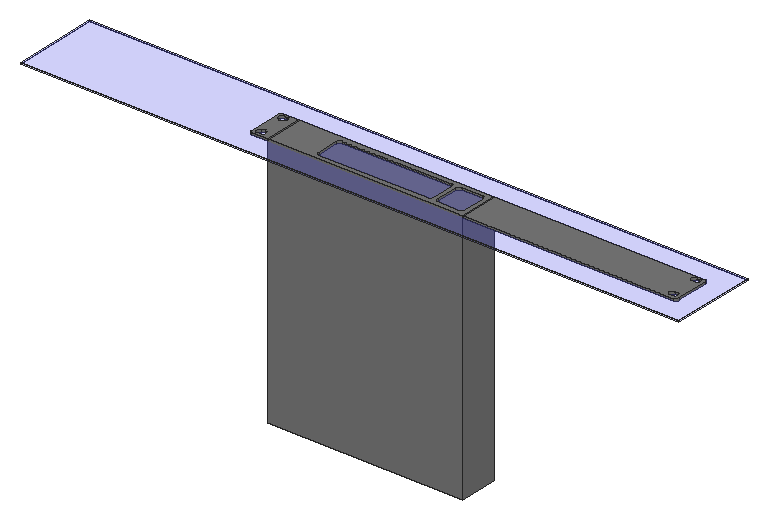
Revit family "QSC Core 8 Flex_ Front Facing Rackmount", category Generic Models, host Face, Revit 2017
Family settings
  Host = Face
  Can host rebar = No
  Round Connector Dimension = Use Diameter
  Part Type = Normal
  Cut with Voids When Loaded = No
  Shared = No
  Room Calculation Point = No
Parameters (values of type "Core 8 Flex")
  Width = 8.660"  # constant formula
  Weight Product (lb) = 4  # constant formula
  Weight Product (kg) = 1.81  # constant formula
  URL = ""
  Show Right Ear Short [instance] = no
  Show Right Ear Long [instance] = yes
  Show Left Ear Short [instance] = yes
  Show Left Ear Long [instance] = no
  Regulatory Compliance = "FCC Part 68 / TIA-968-B; ES203 021, CE, RoHS; PTC200; NOM-151-SCTI; JATE; UL & C-UL Listed; AC; PSTN01; Industry Canada CS-03; AS/ACIF S002 & RCM; ANATEL Resolution 473"  # constant formula
  Product Page URL = "https://www.qsc.com/systems/products/q-sys-ecosystem/products-peripherals-accessories/q-sys-cores/core-8-flex/?L="
  Product Documentation Link = "https://www.qsc.com/resource-files/productresources/dn/dsp_cores/core_8-flex/q_dn_core_8flex_specs.pdf"
  Power Active = 40
  Model = "Core 8 Flex"  # constant formula
  Manufacturer URL = "http://www.qsc.com"
  Manufacturer = "QSC"  # constant formula
  Height = 1.720"  # constant formula
  Heat Load Active = 110
  Face Depth = 0.0788"
  Description = "Q-SYS Network + Analog I/O Processor"  # constant formula
  Depth = 11.280"  # constant formula
  Default Elevation = 0.000"
  Enclosure Material [instance] = Dark Gray Finish
Reference planes (in)
  plane 1 "Center (Front/Back)": y = 0
  plane 2: z = 0
  plane 3 "Center (Left/Right)": x = 0
  plane 4 "Left": x = -4.33
  plane 5 "Right": x = 4.33
  plane 6 "Top": y = 0.86
  plane 7 "Bottom": y = -0.86
  plane 8 "Back": z = -11.2012
  plane 9 "Right Extend Ear": x = 13.812
  plane 10 "Left Extend Ear": x = -13.812
  plane 11 "Left Short Ear": x = -5.1514
  plane 12 "Right Short Ear": x = 5.1514
  plane 13 "Front": z = 0.0788
Forms (in)
  Extrusion 1, solid, material "Glass"
    sketch origin (0, 0, 0) x (1, 0, 0) y (0, 1, 0)
      loop
        line (-14.5, 1.9685) -> (-14.5, -1.88975) -> (14.73031, -1.88975) -> (14.73031, 1.9685) -> (-14.5, 1.9685)
    from 0 to -0.079
  Extrusion 2, solid, material "Dark Gray Finish" <- "Enclosure Material"
    sketch origin (0, -0.86, 0) x (-1, 0, 0) y (0, 0, 1)
      loop
        line (4.33, 0.0788) -> (-4.33, 0.0788) -> (-4.33, -11.2012) -> (4.33, -11.2012) -> (4.33, 0.0788)
    from 0 to 1.72 <- "Height"
  Extrusion 3, void
    sketch origin (0, 0, -11.2012) x (-1, 0, 0) y (0, -1, 0)
      loop
        line (-4.12953, -0.64125) -> (-2.58179, -0.64125) -> (-2.58179, -0.32817) -> (-4.12953, -0.32817) -> (-4.12953, -0.64125)
      loop
        line (2.83394, -0.39444) -> (3.58289, -0.39444)
        arc (3.58289, -0.39444) -> (3.66576, -0.36012) -> (3.70008, -0.27725) r 0.11719
        line (3.70008, -0.27725) -> (3.70008, 0.04564)
        arc (3.70008, 0.04564) -> (3.69413, 0.07554) -> (3.6772, 0.10088) r 0.07813
        line (3.6772, 0.10088) -> (3.52611, 0.25197)
        arc (3.52611, 0.25197) -> (3.50077, 0.26891) -> (3.47087, 0.27485) r 0.07813
        line (3.47087, 0.27485) -> (2.94504, 0.27485)
        arc (2.94504, 0.27485) -> (2.91514, 0.26891) -> (2.88979, 0.25197) r 0.07813
        line (2.88979, 0.25197) -> (2.73871, 0.10088)
        arc (2.73871, 0.10088) -> (2.72177, 0.07554) -> (2.71583, 0.04564) r 0.07813
        line (2.71583, 0.04564) -> (2.71583, -0.27633)
        arc (2.71583, -0.27633) -> (2.75042, -0.35985) -> (2.83394, -0.39444) r 0.11811
      loop
        line (-4.12953, 0.30212) -> (-2.58179, 0.30212) -> (-2.58179, 0.6152) -> (-4.12953, 0.6152) -> (-4.12953, 0.30212)
      loop
        line (-2.29802, -0.64125) -> (-0.75029, -0.64125) -> (-0.75029, -0.32817) -> (-2.29802, -0.32817) -> (-2.29802, -0.64125)
      loop
        line (-2.29802, 0.30212) -> (-0.75029, 0.30212) -> (-0.75029, 0.6152) -> (-2.29802, 0.6152) -> (-2.29802, 0.30212)
      loop
        line (-0.46652, 0.30212) -> (0.01872, 0.30212) -> (0.01872, 0.6152) -> (-0.46652, 0.6152) -> (-0.46652, 0.30212)
      loop
        line (-0.46652, -0.04788) -> (0.01872, -0.04788) -> (0.01872, 0.2652) -> (-0.46652, 0.2652) -> (-0.46652, -0.04788)
      loop
        line (0.13348, 0.39587) -> (0.52497, 0.39587) -> (0.52497, 0.6152) -> (0.13348, 0.6152) -> (0.13348, 0.39587)
      loop
        line (0.63973, 0.20837) -> (1.03122, 0.20837) -> (1.03122, 0.6152) -> (0.63973, 0.6152) -> (0.63973, 0.20837)
      loop
        line (1.14598, 0.39587) -> (1.63122, 0.39587) -> (1.63122, 0.6152) -> (1.14598, 0.6152) -> (1.14598, 0.39587)
      loop
        line (1.74598, 0.39587) -> (2.23122, 0.39587) -> (2.23122, 0.6152) -> (1.74598, 0.6152) -> (1.74598, 0.39587)
      loop
        line (1.14598, -0.01351) -> (1.63122, -0.01351) -> (1.63122, 0.20582) -> (1.14598, 0.20582) -> (1.14598, -0.01351)
      loop
        line (1.74598, -0.01351) -> (2.23122, -0.01351) -> (2.23122, 0.20582) -> (1.74598, 0.20582) -> (1.74598, -0.01351)
      loop
        line (1.14598, -0.62601) -> (1.63122, -0.62601) -> (1.63122, -0.25043) -> (1.14598, -0.25043) -> (1.14598, -0.62601)
      loop
        line (1.74598, -0.62601) -> (2.23122, -0.62601) -> (2.23122, -0.25043) -> (1.74598, -0.25043) -> (1.74598, -0.62601)
    from 0 to 0.19685
  Extrusion 4, void
    sketch origin (-16.742, -179.90625, 0.0788) x (0, -1, 0) y (-1, 0, 0)
      loop
        line (-180.54692, -14.52475) -> (-180.54692, -19.33043)
        arc (-180.54692, -19.33043) -> (-180.50115, -19.44092) -> (-180.39067, -19.48668) r 0.15625
        line (-180.39067, -19.48668) -> (-179.40912, -19.48668)
        arc (-179.40912, -19.48668) -> (-179.29864, -19.44092) -> (-179.25287, -19.33043) r 0.15625
        line (-179.25287, -19.33043) -> (-179.25287, -14.52475)
        arc (-179.25287, -14.52475) -> (-179.29864, -14.41427) -> (-179.40912, -14.3685) r 0.15625
        line (-179.40912, -14.3685) -> (-180.39067, -14.3685)
        arc (-180.39067, -14.3685) -> (-180.50115, -14.41427) -> (-180.54692, -14.52475) r 0.15625
    from 0 to 0.079
  Extrusion 5, solid, material "Dark Gray Finish" <- "Enclosure Material", visible <- "Show Left Ear Short"
    sketch origin (0, 0, 0) x (1, 0, 0) y (0, 1, 0)
      loop
        arc (-5.02634, 0.86) -> (-5.11473, 0.82339) -> (-5.1514, 0.735) r 0.125
        line (-5.1514, 0.735) -> (-5.15134, -0.735)
        arc (-5.15134, -0.735) -> (-5.11473, -0.82339) -> (-5.02634, -0.86) r 0.125
        line (-5.02634, -0.86) -> (-4.33, -0.86) -> (-4.33, 0.86) -> (-5.02634, 0.86)
      loop
        line (-4.7537, 0.76059) -> (-4.8915, 0.76059)
        arc (-4.8915, 0.76059) -> (-5.0251, 0.63502) -> (-4.90803, 0.4939) r 0.13386
        arc (-4.90803, 0.4939) -> (-4.8226, 0.40843) -> (-4.73717, 0.4939) r 0.08543
        arc (-4.73717, 0.4939) -> (-4.6201, 0.63502) -> (-4.7537, 0.76059) r 0.13386
      loop
        arc (-4.7537, -0.74713) -> (-4.6201, -0.62155) -> (-4.73717, -0.48043) r 0.13386
        arc (-4.73717, -0.48043) -> (-4.8226, -0.39496) -> (-4.90803, -0.48043) r 0.08543
        arc (-4.90803, -0.48043) -> (-5.0251, -0.62155) -> (-4.8915, -0.74713) r 0.13386
        line (-4.8915, -0.74713) -> (-4.7537, -0.74713)
    from 0 to 0.0788 <- "Face Depth"
  Extrusion 6, solid, material "Dark Gray Finish" <- "Enclosure Material", visible <- "Show Right Ear Short"
    sketch origin (0, 0, 0) x (-1, 0, 0) y (0, -1, 0)
      loop
        line (-5.02634, -0.86) -> (-4.33, -0.86) -> (-4.33, 0.86) -> (-5.02634, 0.86)
        arc (-5.02634, 0.86) -> (-5.11473, 0.82339) -> (-5.15134, 0.735) r 0.125
        line (-5.15134, 0.735) -> (-5.1514, -0.735)
        arc (-5.1514, -0.735) -> (-5.11473, -0.82339) -> (-5.02634, -0.86) r 0.125
      loop
        arc (-4.7537, -0.76059) -> (-4.6201, -0.63502) -> (-4.73717, -0.4939) r 0.13386
        arc (-4.73717, -0.4939) -> (-4.8226, -0.40843) -> (-4.90803, -0.4939) r 0.08543
        arc (-4.90803, -0.4939) -> (-5.0251, -0.63502) -> (-4.8915, -0.76059) r 0.13386
        line (-4.8915, -0.76059) -> (-4.7537, -0.76059)
      loop
        line (-4.7537, 0.74713) -> (-4.8915, 0.74713)
        arc (-4.8915, 0.74713) -> (-5.0251, 0.62155) -> (-4.90803, 0.48043) r 0.13386
        arc (-4.90803, 0.48043) -> (-4.8226, 0.39496) -> (-4.73717, 0.48043) r 0.08543
        arc (-4.73717, 0.48043) -> (-4.6201, 0.62155) -> (-4.7537, 0.74713) r 0.13386
    from 0 to 0.0788 <- "Face Depth"
  Extrusion 7, solid, material "Dark Gray Finish" <- "Enclosure Material", visible <- "Show Right Ear Long"
    sketch origin (0, 0, 0) x (-1, 0, 0) y (0, -1, 0)
      loop
        arc (-13.55432, -0.49287) -> (-13.68818, -0.62673) -> (-13.55432, -0.76059) r 0.13386
        line (-13.55432, -0.76059) -> (-13.41653, -0.76059)
        arc (-13.41653, -0.76059) -> (-13.28267, -0.62673) -> (-13.41653, -0.49287) r 0.13386
        line (-13.41653, -0.49287) -> (-13.55432, -0.49287)
      loop
        arc (-13.55432, 0.74713) -> (-13.68818, 0.61327) -> (-13.55432, 0.47941) r 0.13386
        line (-13.55432, 0.47941) -> (-13.41653, 0.47941)
        arc (-13.41653, 0.47941) -> (-13.28267, 0.61327) -> (-13.41653, 0.74713) r 0.13386
        line (-13.41653, 0.74713) -> (-13.55432, 0.74713)
      loop
        line (-13.812, 0.735) -> (-13.812, -0.735)
        arc (-13.812, -0.735) -> (-13.77539, -0.82339) -> (-13.687, -0.86) r 0.125
        line (-13.687, -0.86) -> (-4.33, -0.86) -> (-4.33, 0.86) -> (-13.687, 0.86)
        arc (-13.687, 0.86) -> (-13.77539, 0.82339) -> (-13.812, 0.735) r 0.125
    from 0 to 0.0788 <- "Face Depth"
  Extrusion 8, solid, material "Dark Gray Finish" <- "Enclosure Material", visible <- "Show Left Ear Long"
    sketch origin (0, 0, 0) x (1, 0, 0) y (0, 1, 0)
      loop
        line (-13.55432, 0.49287) -> (-13.41653, 0.49287)
        arc (-13.41653, 0.49287) -> (-13.28267, 0.62673) -> (-13.41653, 0.76059) r 0.13386
        line (-13.41653, 0.76059) -> (-13.55432, 0.76059)
        arc (-13.55432, 0.76059) -> (-13.68818, 0.62673) -> (-13.55432, 0.49287) r 0.13386
      loop
        line (-13.55432, -0.74713) -> (-13.41653, -0.74713)
        arc (-13.41653, -0.74713) -> (-13.28267, -0.61327) -> (-13.41653, -0.47941) r 0.13386
        line (-13.41653, -0.47941) -> (-13.55432, -0.47941)
        arc (-13.55432, -0.47941) -> (-13.68818, -0.61327) -> (-13.55432, -0.74713) r 0.13386
      loop
        arc (-13.812, -0.735) -> (-13.77539, -0.82339) -> (-13.687, -0.86) r 0.125
        line (-13.687, -0.86) -> (-4.33, -0.86) -> (-4.33, 0.86) -> (-13.687, 0.86)
        arc (-13.687, 0.86) -> (-13.77539, 0.82339) -> (-13.812, 0.735) r 0.125
        line (-13.812, 0.735) -> (-13.812, -0.735)
    from 0 to 0.0788 <- "Face Depth"
  Extrusion 9, void
    sketch origin (-11.46075, -179.90625, 0.0788) x (0, -1, 0) y (-1, 0, 0)
      loop
        line (-180.54692, -14.52175) -> (-180.54692, -15.45349)
        arc (-180.54692, -15.45349) -> (-180.50115, -15.56398) -> (-180.39067, -15.60974) r 0.15625
        line (-180.39067, -15.60974) -> (-179.40912, -15.60974)
        arc (-179.40912, -15.60974) -> (-179.29864, -15.56398) -> (-179.25287, -15.45349) r 0.15625
        line (-179.25287, -15.45349) -> (-179.25287, -14.52175)
        arc (-179.25287, -14.52175) -> (-179.29864, -14.41127) -> (-179.40912, -14.3655) r 0.15625
        line (-179.40912, -14.3655) -> (-180.39067, -14.3655)
        arc (-180.39067, -14.3655) -> (-180.50115, -14.41127) -> (-180.54692, -14.52175) r 0.15625
    from 0 to 0.079
Cuts and joins
  Extrusion 3, Extrusion 4, Extrusion 9 cuts Extrusion 2
Lines and regions (in)
  model lines, style "GenericModel", detail levels fine
    curve 1: line (-3.29089, 0.35869, 0.0788) -> (-3.38738, 0.48582, 0.0788)
    curve 2: line (-3.38738, 0.48582, 0.0788) -> (-3.29089, 0.35869, 0.0788)
    curve 3: line (-3.7372, 0.37457, 0.0788) -> (-3.70075, 0.5057, 0.0788)
    curve 4: line (-3.70075, 0.5057, 0.0788) -> (-3.7372, 0.37457, 0.0788)
    curve 5: line (-3.67631, 0.28774, 0.0788) -> (-3.70352, 0.53041, 0.0788)
    curve 6: line (-3.70352, 0.53041, 0.0788) -> (-3.67631, 0.28774, 0.0788)
    curve 7: line (-3.16169, 0.45752, 0.0788) -> (-3.07565, 0.39431, 0.0788)
    curve 8: line (-3.07565, 0.39431, 0.0788) -> (-3.16169, 0.45752, 0.0788)
  model lines, style "GenericModel", not visible, detail levels fine
    curve 9: line (-3.35339, 0.42119, 0.0788) -> (-3.44988, 0.54832, 0.0788)
    curve 10: line (-3.44988, 0.54832, 0.0788) -> (-3.35339, 0.42119, 0.0788)
    curve 11: line (-3.7997, 0.43707, 0.0788) -> (-3.76325, 0.5682, 0.0788)
    curve 12: line (-3.76325, 0.5682, 0.0788) -> (-3.7997, 0.43707, 0.0788)
    curve 13: line (-3.73881, 0.35024, 0.0788) -> (-3.76602, 0.59291, 0.0788)
    curve 14: line (-3.76602, 0.59291, 0.0788) -> (-3.73881, 0.35024, 0.0788)
    curve 15: line (-3.22419, 0.52002, 0.0788) -> (-3.13815, 0.45681, 0.0788)
    curve 16: line (-3.13815, 0.45681, 0.0788) -> (-3.22419, 0.52002, 0.0788)
Dimensions and locks (in)
  equal spacing: plane 6 "Top", plane 1 "Center (Front/Back)", plane 7 "Bottom"
  "Height": plane 6 "Top" to plane 7 "Bottom"
  equal spacing: plane 4 "Left", plane 3 "Center (Left/Right)", plane 5 "Right"
  "Width": plane 4 "Left" to plane 5 "Right"
  plane 4 "Left" to plane 5 "Right" = 8.660"
  plane 5 "Right" to plane 9 "Right Extend Ear" = 9.482"
  plane 10 "Left Extend Ear" to plane 4 "Left" = 9.482"
  plane 11 "Left Short Ear" to plane 4 "Left" = 0.8214"
  plane 5 "Right" to plane 12 "Right Short Ear" = 0.8214"
  "Face Depth": plane 13 "Front" to plane 2
  "Depth": plane 13 "Front" to plane 8 "Back"
  aligned and locked: plane 2 to Extrusion 1
  aligned and locked: level to Extrusion 1
  aligned and locked: plane 4 "Left" to Extrusion 2 sketch curve
  aligned and locked: plane 8 "Back" to Extrusion 2 sketch curve
  aligned and locked: Extrusion 2 sketch curve to plane 5 "Right"
  aligned and locked: Extrusion 2 sketch curve to plane 13 "Front"
  aligned and locked: Extrusion 5 sketch curve to plane 6 "Top"
  aligned and locked: plane 11 "Left Short Ear" to Extrusion 5 sketch curve
  aligned and locked: cut or joined group of Extrusion 2, Extrusion 3, Extrusion 4, Extrusion 9 to Extrusion 5 sketch curve
  aligned and locked: Extrusion 5 sketch curve to cut or joined group of Extrusion 2, Extrusion 3, Extrusion 4, Extrusion 9
  aligned and locked: cut or joined group of Extrusion 2, Extrusion 3, Extrusion 4, Extrusion 9 to Extrusion 7 sketch curve
  aligned and locked: plane 9 "Right Extend Ear" to Extrusion 7 sketch curve
  aligned and locked: Extrusion 7 sketch curve to plane 7 "Bottom"
  aligned and locked: Extrusion 7 sketch curve to plane 6 "Top"
Automatic sketch dimensions
  curve 7 to curve 8 = 0.000"  (x4)
  curve 8 to curve 7 = 0.10677"
  curve 2 to curve 7 = 0.16267"
  curve 1 to curve 2 = 0.000"  (x5)
  curve 1 to curve 2 = 0.15959"
  curve 2 to curve 1 = 0.000"  (x3)
  curve 5 to curve 1 = 0.35031"
  curve 6 to curve 5 = 0.000"  (x4)
  curve 4 to curve 5 = 0.21933"
  curve 3 to curve 4 = 0.000"  (x4)
  curve 6 to curve 3 = 0.02487"
  curve 5 to curve 6 = 0.000"  (x4)
  curve 3 to curve 5 = 0.10605"
  curve 4 to curve 3 = 0.000"  (x2)
  curve 6 to curve 2 = 0.3919"
  curve 5 to curve 4 = 0.10605"
  curve 1 to curve 7 = 0.21817"
  curve 8 to curve 7 = 0.000"  (x4)
  curve 7 to curve 8 = 0.10677"
  curve 2 to curve 1 = 0.15959"
  curve 4 to curve 4 = 0.13611"
  curve 7 to curve 7 = 0.08604"
  curve 7 to curve 2 = 0.1292"
  curve 1 to curve 1 = 0.09649"
  curve 1 to curve 6 = 0.28894"
  curve 5 to curve 4 = 0.02444"
  curve 3 to curve 5 = 0.00277"
  curve 5 to curve 4 = 0.06089"
  curve 5 to curve 4 = 0.02471"
  curve 3 to curve 2 = 0.01989"
  curve 1 to curve 7 = 0.02829"
  curve 8 to curve 7 = 0.06321"
  curve 1 to curve 2 = 0.12712"
  curve 3 to curve 5 = 0.08683"
  curve 15 to curve 16 = 0.000"
  curve 15 to curve 15 = 0.08604"
  curve 16 to curve 15 = 0.000"  (x3)
  curve 15 to curve 10 = 0.1292"
  curve 9 to curve 10 = 0.000"  (x3)
  curve 9 to curve 9 = 0.09649"
  curve 10 to curve 9 = 0.000"
  curve 9 to curve 14 = 0.28894"
  curve 13 to curve 14 = 0.000"  (x2)
  curve 13 to curve 12 = 0.02444"
  curve 11 to curve 12 = 0.000"  (x2)
  curve 11 to curve 13 = 0.00277"
  curve 14 to curve 13 = 0.000"  (x2)
  curve 13 to curve 12 = 0.06089"
  curve 13 to curve 12 = 0.02471"
  curve 11 to curve 10 = 0.01989"
  curve 9 to curve 15 = 0.02829"
  curve 16 to curve 15 = 0.06321"
  curve 12 to curve 11 = 0.000"
  curve 9 to curve 10 = 0.12712"
  curve 11 to curve 13 = 0.08683"
  Extrusion 1 sketch curve to Extrusion 1 sketch curve = 29.23031"
  Extrusion 1 sketch curve to Extrusion 1 sketch curve = 3.85825"
  Extrusion 4 sketch curve to plane 6 "Top" = 0.21933"
  Extrusion 4 sketch curve to Extrusion 4 sketch curve = 0.15625"  (x3)
  plane 7 "Bottom" to Extrusion 4 sketch curve = 0.36287"  (x2)
  plane 4 "Left" to Extrusion 4 sketch curve = 1.9565"
  Extrusion 4 sketch curve to plane 5 "Right" = 1.74157"
  plane 11 "Left Short Ear" to Extrusion 5 sketch curve = 0.12506"  (x2)
  Extrusion 5 sketch curve to Extrusion 5 sketch curve = 0.13484"  (x2)
  Extrusion 5 sketch curve to Extrusion 5 sketch curve = 0.0689"  (x2)
  Extrusion 5 sketch curve to Extrusion 5 sketch curve = 0.1378"  (x2)
  plane 7 "Bottom" to Extrusion 5 sketch curve = 0.11287"
  plane 7 "Bottom" to Extrusion 5 sketch curve = 0.125"
  Extrusion 5 sketch curve to Extrusion 5 sketch curve = 0.13386"  (x2)
  Extrusion 5 sketch curve to Extrusion 5 sketch curve = 0.13287"  (x2)
  Extrusion 5 sketch curve to plane 6 "Top" = 0.36614"
  Extrusion 5 sketch curve to Extrusion 5 sketch curve = 0.000"  (x3)
  Extrusion 5 sketch curve to Extrusion 5 sketch curve = 0.125"
  Extrusion 5 sketch curve to plane 6 "Top" = 0.09941"
  Extrusion 5 sketch curve to Extrusion 5 sketch curve = 0.08543"  (x2)
  Extrusion 6 sketch curve to plane 12 "Right Short Ear" = 0.000"
  Extrusion 6 sketch curve to plane 7 "Bottom" = 0.000"
  Extrusion 6 sketch curve to plane 6 "Top" = 0.000"
  Extrusion 6 sketch curve to plane 5 "Right" = 0.000"
  plane 12 "Right Short Ear" to Extrusion 6 sketch curve = 0.12506"  (x2)
  Extrusion 6 sketch curve to Extrusion 6 sketch curve = 0.13484"  (x2)
  Extrusion 6 sketch curve to Extrusion 6 sketch curve = 0.0689"  (x2)
  Extrusion 6 sketch curve to Extrusion 6 sketch curve = 0.1378"  (x2)
  Extrusion 6 sketch curve to plane 7 "Bottom" = 0.11287"
  Extrusion 6 sketch curve to Extrusion 6 sketch curve = 0.125"
  Extrusion 6 sketch curve to Extrusion 6 sketch curve = 0.13386"  (x2)
  Extrusion 6 sketch curve to Extrusion 6 sketch curve = 0.13287"  (x2)
  plane 6 "Top" to Extrusion 6 sketch curve = 0.36614"
  Extrusion 6 sketch curve to Extrusion 6 sketch curve = 0.000"  (x3)
  plane 6 "Top" to Extrusion 6 sketch curve = 0.125"
  plane 6 "Top" to Extrusion 6 sketch curve = 0.09941"
  Extrusion 6 sketch curve to Extrusion 6 sketch curve = 0.08543"  (x2)
  plane 9 "Right Extend Ear" to Extrusion 7 sketch curve = 0.125"
  Extrusion 7 sketch curve to Extrusion 7 sketch curve = 0.125"
  Extrusion 7 sketch curve to Extrusion 7 sketch curve = 0.13268"  (x2)
  Extrusion 7 sketch curve to Extrusion 7 sketch curve = 0.1378"  (x2)
  Extrusion 7 sketch curve to plane 7 "Bottom" = 0.11287"
  Extrusion 7 sketch curve to Extrusion 7 sketch curve = 0.13386"  (x2)
  Extrusion 7 sketch curve to Extrusion 7 sketch curve = 0.24213"
  Extrusion 8 sketch curve to plane 10 "Left Extend Ear" = 0.000"
  Extrusion 8 sketch curve to plane 6 "Top" = 0.000"
  Extrusion 8 sketch curve to plane 7 "Bottom" = 0.000"
  Extrusion 8 sketch curve to plane 4 "Left" = 0.000"
  plane 10 "Left Extend Ear" to Extrusion 8 sketch curve = 0.125"
  Extrusion 8 sketch curve to Extrusion 8 sketch curve = 0.125"
  Extrusion 8 sketch curve to Extrusion 8 sketch curve = 0.13268"  (x2)
  Extrusion 8 sketch curve to Extrusion 8 sketch curve = 0.1378"  (x2)
  plane 7 "Bottom" to Extrusion 8 sketch curve = 0.11287"
  Extrusion 8 sketch curve to Extrusion 8 sketch curve = 0.13386"  (x2)
  Extrusion 8 sketch curve to Extrusion 8 sketch curve = 0.24213"
  Extrusion 9 sketch curve to plane 6 "Top" = 0.21933"
  Extrusion 9 sketch curve to Extrusion 9 sketch curve = 0.15625"  (x3)
  plane 7 "Bottom" to Extrusion 9 sketch curve = 0.36287"  (x2)
  Extrusion 9 sketch curve to plane 5 "Right" = 1.42525"
  Extrusion 9 sketch curve to plane 12 "Right Short Ear" = 1.15866"
  Extrusion 3 sketch curve to plane 5 "Right" = 0.20047"  (x2)
  plane 7 "Bottom" to Extrusion 3 sketch curve = 0.2448"  (x3)
  Extrusion 3 sketch curve to Extrusion 3 sketch curve = 1.54774"
  Extrusion 3 sketch curve to plane 6 "Top" = 0.21875"  (x2)
  Extrusion 3 sketch curve to Extrusion 3 sketch curve = 0.000"  (x15)
  Extrusion 3 sketch curve to Extrusion 3 sketch curve = 0.28377"  (x3)
  plane 3 "Center (Left/Right)" to Extrusion 3 sketch curve = 0.75029"
  Extrusion 3 sketch curve to plane 1 "Center (Front/Back)" = 0.04788"
  Extrusion 3 sketch curve to plane 3 "Center (Left/Right)" = 0.01872"  (x2)
  Extrusion 3 sketch curve to plane 3 "Center (Left/Right)" = 0.13348"
  Extrusion 3 sketch curve to Extrusion 3 sketch curve = 0.39149"  (x2)
  Extrusion 3 sketch curve to Extrusion 3 sketch curve = 0.11476"  (x4)
  Extrusion 3 sketch curve to plane 1 "Center (Front/Back)" = 0.25043"  (x2)
  Extrusion 3 sketch curve to Extrusion 3 sketch curve = 0.48524"  (x2)
  plane 1 "Center (Front/Back)" to Extrusion 3 sketch curve = 0.04564"  (x2)
  Extrusion 3 sketch curve to Extrusion 3 sketch curve = 0.48461"
  plane 1 "Center (Front/Back)" to Extrusion 3 sketch curve = 0.10088"  (x2)
  Extrusion 3 sketch curve to Extrusion 3 sketch curve = 0.02288"
  Extrusion 3 sketch curve to Extrusion 3 sketch curve = 0.11811"
  plane 1 "Center (Front/Back)" to Extrusion 3 sketch curve = 0.25197"  (x2)
  Extrusion 3 sketch curve to Extrusion 3 sketch curve = 0.15109"  (x2)
  Extrusion 3 sketch curve to Extrusion 3 sketch curve = 0.05524"  (x3)
  plane 1 "Center (Front/Back)" to Extrusion 3 sketch curve = 0.19673"
  Extrusion 3 sketch curve to Extrusion 3 sketch curve = 0.52583"
  Extrusion 3 sketch curve to Extrusion 3 sketch curve = 0.11202"
  Extrusion 3 sketch curve to plane 1 "Center (Front/Back)" = 0.39444"
  Extrusion 3 sketch curve to Extrusion 3 sketch curve = 0.31308"
  Extrusion 3 sketch curve to plane 1 "Center (Front/Back)" = 0.62601"  (x2)
  Extrusion 3 sketch curve to Extrusion 3 sketch curve = 0.23692"  (x2)
  Extrusion 3 sketch curve to Extrusion 3 sketch curve = 0.22188"
  plane 1 "Center (Front/Back)" to Extrusion 3 sketch curve = 0.2652"
  plane 1 "Center (Front/Back)" to Extrusion 3 sketch curve = 0.30212"
  Extrusion 3 sketch curve to Extrusion 3 sketch curve = 0.03692"
  Extrusion 3 sketch curve to Extrusion 3 sketch curve = 0.21933"  (x2)
  Extrusion 3 sketch curve to Extrusion 3 sketch curve = 0.00254"
  Extrusion 3 sketch curve to Extrusion 3 sketch curve = 0.19004"  (x2)
  Extrusion 3 sketch curve to Extrusion 3 sketch curve = 0.09375"
Connectors (in)
  electrical at (-3.20803, -0.00035, -11.00435)
    settings: on cut or joined group of Extrusion 2, Extrusion 3, Extrusion 4, Extrusion 9, index 1, voltage 120 V, apparent load 0 VA, apparent load phase1 1.2 VA, apparent load phase2 0 VA, apparent load phase3 0 VA, power factor 1, load classification "Other", number of poles 1, system type 31, power factor state 1, is connector primary no, connector utility no, sub classification motor no, connector description "120VAC"
  electrical at (3.35566, 0.48471, -11.00435)
    settings: on cut or joined group of Extrusion 2, Extrusion 3, Extrusion 4, Extrusion 9, index 2, voltage 0 V, apparent load 0 VA, apparent load phase1 0 VA, apparent load phase2 0 VA, apparent load phase3 0 VA, power factor 1, load classification "Other", number of poles 1, system type 14, power factor state 1, is connector primary no, connector utility no, sub classification motor no, connector description "Flex Ch 1-4"
  electrical at (3.35566, -0.45866, -11.00435)
    settings: on cut or joined group of Extrusion 2, Extrusion 3, Extrusion 4, Extrusion 9, index 3, voltage 0 V, apparent load 0 VA, apparent load phase1 0 VA, apparent load phase2 0 VA, apparent load phase3 0 VA, power factor 1, load classification "Other", number of poles 1, system type 14, power factor state 1, is connector primary no, connector utility no, sub classification motor no, connector description "Flex Ch 5-8"
  electrical at (1.52415, 0.48471, -11.00435)
    settings: on cut or joined group of Extrusion 2, Extrusion 3, Extrusion 4, Extrusion 9, index 4, voltage 0 V, apparent load 0 VA, apparent load phase1 0 VA, apparent load phase2 0 VA, apparent load phase3 0 VA, power factor 1, load classification "Other", number of poles 1, system type 14, power factor state 1, is connector primary no, connector utility no, sub classification motor no, connector description "GPIO Inputs"
  electrical at (1.52415, -0.45866, -11.00435)
    settings: on cut or joined group of Extrusion 2, Extrusion 3, Extrusion 4, Extrusion 9, index 5, voltage 0 V, apparent load 0 VA, apparent load phase1 0 VA, apparent load phase2 0 VA, apparent load phase3 0 VA, power factor 1, load classification "Other", number of poles 1, system type 14, power factor state 1, is connector primary no, connector utility no, sub classification motor no, connector description "GPIO Outputs"
  electrical at (0.2239, -0.10866, -11.00435)
    settings: on cut or joined group of Extrusion 2, Extrusion 3, Extrusion 4, Extrusion 9, index 6, voltage 0 V, apparent load 0 VA, apparent load phase1 0 VA, apparent load phase2 0 VA, apparent load phase3 0 VA, power factor 1, load classification "Other", number of poles 1, system type 14, power factor state 1, is connector primary no, connector utility no, sub classification motor no, connector description "RS232 A"
  electrical at (0.2239, -0.45866, -11.00435)
    settings: on cut or joined group of Extrusion 2, Extrusion 3, Extrusion 4, Extrusion 9, index 7, voltage 0 V, apparent load 0 VA, apparent load phase1 0 VA, apparent load phase2 0 VA, apparent load phase3 0 VA, power factor 1, load classification "Other", number of poles 1, system type 14, power factor state 1, is connector primary no, connector utility no, sub classification motor no, connector description "RS232 B"
  electrical at (-0.32922, -0.50553, -11.00435)
    settings: on cut or joined group of Extrusion 2, Extrusion 3, Extrusion 4, Extrusion 9, index 8, voltage 0 V, apparent load 0 VA, apparent load phase1 0 VA, apparent load phase2 0 VA, apparent load phase3 0 VA, power factor 1, load classification "Other", number of poles 1, system type 14, power factor state 1, is connector primary no, connector utility no, sub classification motor no, connector description "USB C"
  electrical at (-0.83547, -0.41178, -11.00435)
    settings: on cut or joined group of Extrusion 2, Extrusion 3, Extrusion 4, Extrusion 9, index 9, voltage 0 V, apparent load 0 VA, apparent load phase1 0 VA, apparent load phase2 0 VA, apparent load phase3 0 VA, power factor 1, load classification "Other", number of poles 1, system type 14, power factor state 1, is connector primary no, connector utility no, sub classification motor no, connector description "USB B"
  electrical at (-1.3886, -0.50553, -11.00435)
    settings: on cut or joined group of Extrusion 2, Extrusion 3, Extrusion 4, Extrusion 9, index 10, voltage 0 V, apparent load 0 VA, apparent load phase1 0 VA, apparent load phase2 0 VA, apparent load phase3 0 VA, power factor 1, load classification "Other", number of poles 1, system type 14, power factor state 1, is connector primary no, connector utility no, sub classification motor no, connector description "USB A"
  electrical at (-1.3886, -0.09616, -11.00435)
    settings: on cut or joined group of Extrusion 2, Extrusion 3, Extrusion 4, Extrusion 9, index 11, voltage 0 V, apparent load 0 VA, apparent load phase1 0 VA, apparent load phase2 0 VA, apparent load phase3 0 VA, power factor 1, load classification "Other", number of poles 1, system type 14, power factor state 1, is connector primary no, connector utility no, sub classification motor no, connector description "USB A"
  electrical at (-1.9886, -0.09616, -11.00435)
    settings: on cut or joined group of Extrusion 2, Extrusion 3, Extrusion 4, Extrusion 9, index 12, voltage 0 V, apparent load 0 VA, apparent load phase1 0 VA, apparent load phase2 0 VA, apparent load phase3 0 VA, power factor 1, load classification "Other", number of poles 1, system type 14, power factor state 1, is connector primary no, connector utility no, sub classification motor no, connector description "USB A"
  electrical at (-1.9886, -0.50553, -11.00435)
    settings: on cut or joined group of Extrusion 2, Extrusion 3, Extrusion 4, Extrusion 9, index 13, voltage 0 V, apparent load 0 VA, apparent load phase1 0 VA, apparent load phase2 0 VA, apparent load phase3 0 VA, power factor 1, load classification "Other", number of poles 1, system type 14, power factor state 1, is connector primary no, connector utility no, sub classification motor no, connector description "USB A"
  electrical at (-1.9886, 0.43822, -11.00435)
    settings: on cut or joined group of Extrusion 2, Extrusion 3, Extrusion 4, Extrusion 9, index 14, voltage 0 V, apparent load 0 VA, apparent load phase1 0 VA, apparent load phase2 0 VA, apparent load phase3 0 VA, power factor 1, load classification "Other", number of poles 1, system type 14, power factor state 1, is connector primary no, connector utility no, sub classification motor no, connector description "LAN B"
  electrical at (-1.3886, 0.43822, -11.00435)
    settings: on cut or joined group of Extrusion 2, Extrusion 3, Extrusion 4, Extrusion 9, index 15, voltage 0 V, apparent load 0 VA, apparent load phase1 0 VA, apparent load phase2 0 VA, apparent load phase3 0 VA, power factor 1, load classification "Other", number of poles 1, system type 14, power factor state 1, is connector primary no, connector utility no, sub classification motor no, connector description "LAN A"
  electrical at (-3.20803, -0.00035, -11.00435)
    settings: on cut or joined group of Extrusion 2, Extrusion 3, Extrusion 4, Extrusion 9, index 16, voltage 0 V, apparent load 0 VA, apparent load phase1 0 VA, apparent load phase2 0 VA, apparent load phase3 0 VA, power factor 1, load classification "Other", number of poles 1, system type 31, power factor state 1, is connector primary yes, connector utility no, sub classification motor no, connector description "100-240 VAC"
